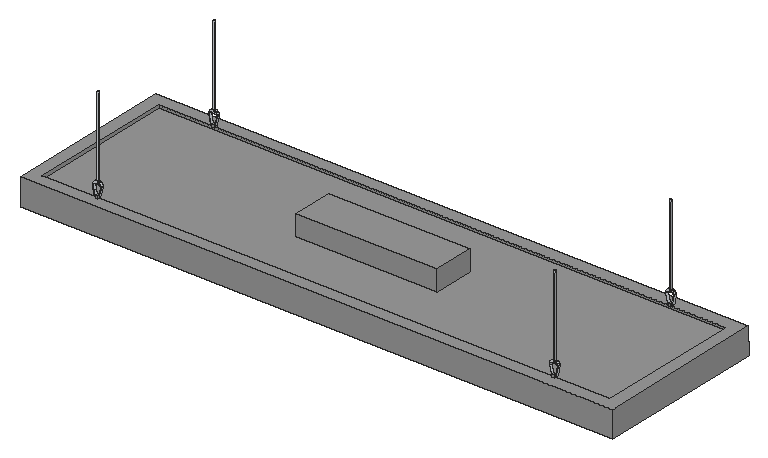
Revit family "HEFTY_4000K_22700LM_182W", category Lighting Fixtures, host Ceiling, Revit 2021
Family settings
  Host = Ceiling
  Round Connector Dimension = Use Diameter
  Part Type = Normal
  OmniClass Number = 23.80.70.11
  OmniClass Title = Luminaries for Internal Lighting
  Always vertical = Yes
  Cut with Voids When Loaded = No
  Light Source = Yes
  Shared = No
  Room Calculation Point = No
Parameters (values of type "Type 1")
  Wattage = 152.819 W
  built-in parameter 1150110 = 1 (stored number, unit not read)
  Type de lampe = "LED Mid Power"
  Type = "Luminaire industriel"
  built-in parameter 1114217 = 1 (stored number, unit not read)
  Tilt Angle = 90.00°
  Tension = "AC 220-240V"
  built-in parameter 1150109 = 1 (stored number, unit not read)
  built-in parameter 1150134 = 12
  built-in parameter 1150113 = 1 (stored number, unit not read)
  SDCM = "<3"
  Puissance nominale = "182W"
  Poids = "12 kg"
  Photometric Web File = "google_eulumdat_converter (6).ies"
  Matériau = "Acier galvanisé blanc"
  Maintien du flux = "L80B10 (50 000 heures)"
  Lumens = 22700 lm
  built-in parameter 1150115 = 1 (stored number, unit not read)
  built-in parameter 1150105 = 1806.4 (stored number, unit not read)
  built-in parameter 1150137 = (empty or 0)
  built-in parameter 1150139 = (empty or 0)
  built-in parameter 1150112 = 1 (stored number, unit not read)
  built-in parameter 1150114 = 1 (stored number, unit not read)
  built-in parameter 1150132 = 2
  built-in parameter 1150102 = (empty or 0)
  built-in parameter 1150138 = (empty or 0)
  built-in parameter 1150107 = 4000 (stored number, unit not read)
  built-in parameter 1150106 = 18.064 (stored number, unit not read)
  IRC = ">80"
  Emit from Rectangle Width = 609.6 mm
  Emit from Rectangle Length = 1219.2 mm
  Emit Shape Visible in Rendering = no
  built-in parameter 1150104 = 13.8 (stored number, unit not read)
  Durée de vie = "50 000 heures"
  Driver = "Driver Osram"
  Dimming Lamp Color Temperature Shift = <None>
  Dimensions = "1220x350x90 mm"
  Diffuseur = "Polycarbonate  prismatique UGR<22"
  Default Elevation = 0 mm
  Color Filter = 16777215
  built-in parameter 1114218 = 1 (stored number, unit not read)
  built-in parameter 1150133 = 10 (stored number, unit not read)
  Angle d'éclairage = "35°"
Reference planes
  plane 1 "Light Source Axis (F/B)": y = 0
  plane 2: z = 0
  plane 3 "Light Source Axis (L/R)": x = 0
  plane 4 "Ceiling": z = 4000
  plane 5 "Light Source Elevation": z = 3750
Forms (mm)
  Extrusion 1, solid, material "Steel, Galvanized"
    sketch origin (0, 0, 4000) x (0, 1, 0) y (-1, 0, 0)
      loop
        line (175, 610) -> (-175, 610) -> (-175, -610) -> (175, -610) -> (175, 610)
      loop
        line (150, 585) -> (-150, 585) -> (-150, -585) -> (150, -585) -> (150, 585)
    from -250 to -196.102
  Extrusion 2, solid, material "Steel, Galvanized"
    sketch origin (0, 0, 4000) x (0, 1, 0) y (-1, 0, 0)
      loop
        line (150, 585) -> (-150, 585) -> (-150, -585) -> (150, -585) -> (150, 585)
    from -201.474 to -207.22
  Extrusion 3, solid, material "Steel, Galvanized"
    sketch origin (0, 0, 4000) x (0, 1, 0) y (-1, 0, 0)
      loop
        line (43.191, 147.964) -> (-41.809, 147.964) -> (-41.809, -142.036) -> (43.191, -142.036) -> (43.191, 147.964)
    from -207.22 to -160
  Extrusion 4, solid, material "Steel, Galvanized"
    sketch origin (195.234, -80.407, 4000) x (0, -1, 0) y (1, 0, 0)
      loop
        line (71.862, 277.481) -> (66.862, 277.481) -> (66.862, 272.481) -> (71.862, 272.481) -> (71.862, 277.481)
    from -196.102 to -190.59
  Extrusion 5, solid
    sketch origin (195.234, -80.407, 0) x (-1, 0, 0) y (0, 0, -1)
      loop
        line (-273.652, -3806.915) -> (-276.521, -3806.915) -> (-281.412, -3807.954) -> (-284.54, -3827.708)
        arc (-284.54, -3827.708) -> (-274.506, -3835.045) -> (-266.484, -3825.549) r 9.115
        line (-266.484, -3825.549) -> (-270.251, -3807.826) -> (-273.652, -3806.915)
      loop
        line (-274.011, -3807.991) -> (-276.306, -3807.991) -> (-279.848, -3808.744) -> (-282.81, -3827.45)
        arc (-282.81, -3827.45) -> (-274.423, -3831.527) -> (-267.537, -3825.237) r 8.303
        line (-267.537, -3825.237) -> (-271.034, -3808.788) -> (-274.011, -3807.991)
    from 67.418 to 71.074
  Extrusion 6, solid, material "Glass, White, High Luminance"
    sketch origin (0, 0, 4000) x (0, 1, 0) y (-1, 0, 0)
      loop
        line (150, 585) -> (-150, 585) -> (-150, -585) -> (150, -585) -> (150, 585)
    from -250 to -245.079
  Extrusion 7, solid
    sketch origin (195.234, -80.407, 4000) x (0, -1, 0) y (1, 0, 0)
      loop
        circle (68.947, 275) r 1.348
    from -170.446 to 0
  Extrusion 8, solid, material "Steel, Galvanized"
    sketch origin (195.234, 80.407, 4000) x (0, -1, 0) y (1, 0, 0)
      loop
        line (-71.862, 277.481) -> (-71.862, 272.481) -> (-66.862, 272.481) -> (-66.862, 277.481) -> (-71.862, 277.481)
    from -196.102 to -190.59
  Extrusion 9, solid
    sketch origin (195.234, 80.407, 0) x (-1, 0, 0) y (0, 0, 1)
      loop
        line (-273.652, 3806.915) -> (-270.251, 3807.826) -> (-266.484, 3825.549)
        arc (-266.484, 3825.549) -> (-274.506, 3835.045) -> (-284.54, 3827.708) r 9.115
        line (-284.54, 3827.708) -> (-281.412, 3807.954) -> (-276.521, 3806.915) -> (-273.652, 3806.915)
      loop
        line (-274.011, 3807.991) -> (-271.034, 3808.788) -> (-267.537, 3825.237)
        arc (-267.537, 3825.237) -> (-274.423, 3831.527) -> (-282.81, 3827.45) r 8.303
        line (-282.81, 3827.45) -> (-279.848, 3808.744) -> (-276.306, 3807.991) -> (-274.011, 3807.991)
    from 67.418 to 71.074
  Extrusion 10, solid
    sketch origin (195.234, 80.407, 4000) x (0, -1, 0) y (1, 0, 0)
      loop
        circle (-68.947, 275) r 1.348
    from -170.446 to 0
  Extrusion 11, solid, material "Steel, Galvanized"
    sketch origin (-195.234, 80.407, 4000) x (0, 1, 0) y (-1, 0, 0)
      loop
        line (71.862, 277.481) -> (66.862, 277.481) -> (66.862, 272.481) -> (71.862, 272.481) -> (71.862, 277.481)
    from -196.102 to -190.59
  Extrusion 12, solid
    sketch origin (-195.234, 80.407, 0) x (1, 0, 0) y (0, 0, -1)
      loop
        line (-273.652, -3806.915) -> (-276.521, -3806.915) -> (-281.412, -3807.954) -> (-284.54, -3827.708)
        arc (-284.54, -3827.708) -> (-274.506, -3835.045) -> (-266.484, -3825.549) r 9.115
        line (-266.484, -3825.549) -> (-270.251, -3807.826) -> (-273.652, -3806.915)
      loop
        line (-274.011, -3807.991) -> (-276.306, -3807.991) -> (-279.848, -3808.744) -> (-282.81, -3827.45)
        arc (-282.81, -3827.45) -> (-274.423, -3831.527) -> (-267.537, -3825.237) r 8.303
        line (-267.537, -3825.237) -> (-271.034, -3808.788) -> (-274.011, -3807.991)
    from 67.418 to 71.074
  Extrusion 13, solid
    sketch origin (-195.234, 80.407, 4000) x (0, 1, 0) y (-1, 0, 0)
      loop
        circle (68.947, 275) r 1.348
    from -170.446 to 0
  Extrusion 14, solid, material "Steel, Galvanized"
    sketch origin (-195.234, -80.407, 4000) x (0, 1, 0) y (-1, 0, 0)
      loop
        line (-71.862, 277.481) -> (-71.862, 272.481) -> (-66.862, 272.481) -> (-66.862, 277.481) -> (-71.862, 277.481)
    from -196.102 to -190.59
  Extrusion 15, solid
    sketch origin (-195.234, -80.407, 0) x (1, 0, 0) y (0, 0, 1)
      loop
        line (-273.652, 3806.915) -> (-270.251, 3807.826) -> (-266.484, 3825.549)
        arc (-266.484, 3825.549) -> (-274.506, 3835.045) -> (-284.54, 3827.708) r 9.115
        line (-284.54, 3827.708) -> (-281.412, 3807.954) -> (-276.521, 3806.915) -> (-273.652, 3806.915)
      loop
        line (-274.011, 3807.991) -> (-271.034, 3808.788) -> (-267.537, 3825.237)
        arc (-267.537, 3825.237) -> (-274.423, 3831.527) -> (-282.81, 3827.45) r 8.303
        line (-282.81, 3827.45) -> (-279.848, 3808.744) -> (-276.306, 3807.991) -> (-274.011, 3807.991)
    from 67.418 to 71.074
  Extrusion 16, solid
    sketch origin (-195.234, -80.407, 4000) x (0, 1, 0) y (-1, 0, 0)
      loop
        circle (-68.947, 275) r 1.348
    from -170.446 to 0
Lines and regions (mm)
  reference lines
    curve 1: line (0, 0, 4000) -> (325, 0, 4000)
    curve 2: line (0, 0, 4000) -> (-325, 0, 4000)
    curve 3: line (-325, 0, 4000) -> (-325, 95, 4000)
    curve 4: line (-325, 95, 4000) -> (325, 95, 4000)
    curve 5: line (325, 95, 4000) -> (325, -95, 4000)
    curve 6: line (325, -95, 4000) -> (-325, -95, 4000)
    curve 7: line (-325, -95, 4000) -> (-325, 0, 4000)
    curve 8: line (0, 0, 4000) -> (225, 0, 4000)
    curve 9: line (225, 0, 4000) -> (225, -70, 4000)
    curve 10: line (225, -70, 4000) -> (-275, -70, 4000)
    curve 11: line (-275, 70, 4000) -> (225, 70, 4000)
    curve 12: line (-325, 0, 4000) -> (-300, 0, 4000)
    curve 13: line (-300, 0, 4000) -> (-300, 5, 4000)
    curve 14: line (325, 0, 4000) -> (300, 0, 4000)
    curve 15: line (0, 0, 3750) -> (0, 0, 3840)
    curve 16: line (0, 0, 4000) -> (610, 0, 4000)
    curve 17: line (610, 0, 4000) -> (610, 25, 4000)
    curve 18: line (0, 0, 4000) -> (-610, 0, 4000)
    curve 19: line (0, -70, 4000) -> (470, -70, 4000)
    curve 20: line (470, -70, 4000) -> (470, -55, 4000)
    curve 21: line (325, 0, 4000) -> (325, 175, 4000)
    curve 22: line (325, 0, 4000) -> (325, -175, 4000)
Dimensions and locks
  equal spacing: host sketch curve, plane 3 "Light Source Axis (L/R)", host sketch curve
  equal spacing: host sketch curve, plane 1 "Light Source Axis (F/B)", host sketch curve
  host sketch curve to host sketch curve = 4000 mm  (x2)
  plane 4 "Ceiling" to host ceiling = 0 mm
  aligned and locked: plane 3 "Light Source Axis (L/R)" to imposter light
  aligned and locked: plane 1 "Light Source Axis (F/B)" to imposter light
  aligned and locked: plane 5 "Light Source Elevation" to imposter light
